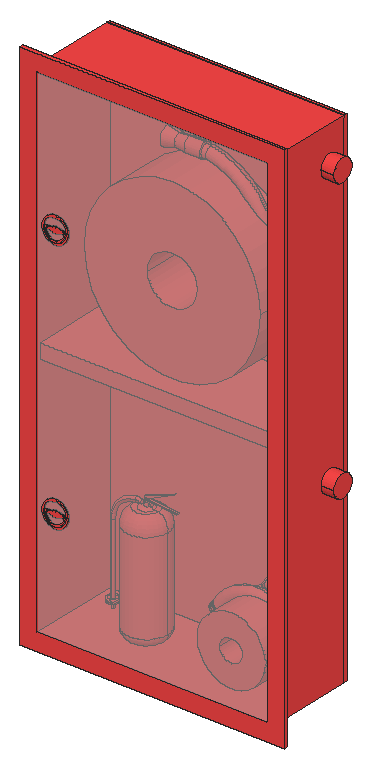
Revit family "Fire Hose Cabinet", category Security Devices, Revit 2013
Parameters (values of type "FHC with Landing Valve")
  Width = 780 mm
  Radius = 32.5 mm
  ON = yes
  Height = 1580 mm
  Depth = 280 mm
  Default Elevation = 1219.2 mm
Types (2, lengths in mm): name | Radius | ON
  FHC with Landing Valve | 32.5 | yes
  FHC without Landing Valve | 30 | no
Reference planes
  plane 1 "Center (Front/Back)": y = 0
  plane 2: z = 0
  plane 3 "Center (Left/Right)": x = 0
  plane 4: y = 140
  plane 5: y = -140
  plane 6: x = -390
  plane 7: x = 390
  plane 8: z = 790
  plane 9: z = 1580
  plane 10: x = -350
  plane 11: x = 350
  plane 12: z = 1540
  plane 13: z = 40
Forms (mm)
  Extrusion 1, solid, material "Red"
    sketch origin (0, 0, 0) x (1, 0, 0) y (0, 0, 1)
      loop
        line (-350, 1540) -> (-350, 40) -> (350, 40) -> (350, 1540) -> (-350, 1540)
      loop
        line (-340, 1530) -> (-340, 50) -> (340, 50) -> (340, 1530) -> (-340, 1530)
    from -140 to 140
  Extrusion 2, solid, material "Red"
    sketch origin (0, 0, 0) x (1, 0, 0) y (0, 0, 1)
      loop
        line (-350, 1540) -> (-350, 40) -> (350, 40) -> (350, 1540) -> (-350, 1540)
    from -140 to -130
  Sweep 3, solid, material "Red"
    path origin (0, -270, 0) x (1, 0, 0) y (0, 0, 1)
      loop
        line (-390, 1580) -> (-390, 0) -> (390, 0) -> (390, 1580) -> (-390, 1580)
    profile origin (0, -270, 1580) x (0, 0, 1) y (0, -1, 0)
      loop
        line (-40, -140) -> (0, -140) -> (0, -130) -> (-40, -130) -> (-40, -140)
  Revolve 4, solid, material "Red"
    sketch origin (0, 0, 0) x (1, 0, 0) y (0, 0, 1)
      loop
        line (-128.69, 51.85) -> (-92.775, 51.85)
        arc (-92.775, 51.85) -> (-74.283, 59.51) -> (-66.623, 78.002) r 26.152
        line (-66.623, 78.002) -> (-66.623, 347.593)
        arc (-66.623, 347.593) -> (-72.476, 374.832) -> (-92.775, 393.914) r 46.787
        line (-92.775, 393.914) -> (-107.48, 393.914)
        arc (-107.48, 393.914) -> (-114.619, 397.548) -> (-122.583, 398.418) r 22.25
        line (-122.583, 398.418) -> (-122.583, 408.719) -> (-126.451, 408.719) -> (-126.451, 412.34) -> (-128.69, 412.34) -> (-128.69, 51.85)
      axis (-128.69, 51.85) -> (-128.69, 412.34)
    angle from 0 to 360
  Sweep 5, solid, material "Red"
    path origin (0, 0, 0) x (1, 0, 0) y (0, 0, 1)
      loop
        line (-140.828, 403.888) -> (-157.475, 403.888)
        arc (-157.475, 403.888) -> (-207.56, 381.095) -> (-228.034, 330.019) r 73.946
        line (-228.034, 330.019) -> (-228.034, 121.538)
    profile origin (-228.034, 0, 225.778) x (0, -1, 0) y (1, 0, 0)
      loop
        circle (0, 0) r 5.1
  Revolve 6, solid, material "Red"
    sketch origin (0, 0, 0) x (1, 0, 0) y (0, 0, 1)
      loop
        line (-228.034, 121.538) -> (-228.034, 93.221) -> (-224.674, 93.221) -> (-224.674, 110.75) -> (-213.969, 110.75)
        arc (-213.969, 110.75) -> (-211.998, 111.567) -> (-211.181, 113.539) r 2.789
        line (-211.181, 113.539) -> (-211.181, 118.749)
        arc (-211.181, 118.749) -> (-211.998, 120.721) -> (-213.969, 121.538) r 2.789
        line (-213.969, 121.538) -> (-228.034, 121.538)
      axis (-228.034, 93.221) -> (-228.034, 121.538)
    angle from 0 to 360
  Extrusion 7, solid, material "Red"
    sketch origin (0, 0, 0) x (1, 0, 0) y (0, 0, 1)
      loop
        line (-131.414, 412.34) -> (-123.245, 412.34) -> (-123.245, 414.53)
        arc (-123.245, 414.53) -> (-122.936, 415.272) -> (-122.191, 415.576) r 1.046
        line (-122.191, 415.576) -> (-36.427, 406.871) -> (-36.427, 409.489) -> (-125.326, 418.711)
        arc (-125.326, 418.711) -> (-126.076, 418.41) -> (-126.387, 417.665) r 1.046
        line (-126.387, 417.665) -> (-126.387, 414.765) -> (-127.656, 414.004) -> (-131.414, 414.004) -> (-131.414, 412.34)
    from -3.389 to 3.013
  Extrusion 8, solid, material "Red"
    sketch origin (0, 0, 0) x (1, 0, 0) y (0, 0, 1)
      loop
        line (-44.48, 456.227) -> (-131.065, 424.889)
        arc (-131.065, 424.889) -> (-131.56, 424.506) -> (-131.748, 423.909) r 1.046
        line (-131.748, 423.909) -> (-131.748, 413.398)
        arc (-131.748, 413.398) -> (-131.217, 412.487) -> (-130.163, 412.5) r 1.046
        line (-130.163, 412.5) -> (-126.387, 414.765) -> (-126.387, 417.798)
        arc (-126.387, 417.798) -> (-126.227, 418.355) -> (-125.795, 418.741) r 1.046
        line (-125.795, 418.741) -> (-44.48, 456.227)
      loop
        circle (-128.69, 419.963) r 0.654
    from -3.389 to 3.013
  Extrusion 9, solid, material "Red"
    sketch origin (-50, 45, 0) x (1, 0, 0) y (0, 0, 1)
      loop
        circle (87.576, 1099.532) r 260
      loop
        circle (87.576, 1099.532) r 73.43
    from 0 to 157
  Sweep 10, solid, material "Red"
    path origin (-50, 0, 0) x (1, 0, 0) y (0, 0, 1)
      loop
        line (94.571, 1396.809) -> (111.023, 1396.809)
        arc (111.023, 1396.809) -> (211.995, 1348.824) -> (272.315, 1254.699) r 203.239
    profile origin (52.797, 0, 1396.809) x (0, 0, 1) y (0, -1, 0)
      loop
        circle (0, 0) r 18.5
  Revolve 11, solid, material "Red"
    sketch origin (-50, 0, 0) x (1, 0, 0) y (0, 0, 1)
      loop
        line (-16.127, 1396.809) -> (94.571, 1396.809) -> (94.571, 1418.235) -> (49.507, 1418.235) -> (18.475, 1415.52) -> (-16.127, 1424.791) -> (-16.127, 1396.809)
      axis (94.571, 1396.809) -> (-16.127, 1396.809)
    angle from 0 to 360
  Revolve 12, solid, material "Red"
    sketch origin (-37.5, 0, -20) x (1, 0, 0) y (0, 0, 1)
      loop
        line (118.112, 217.705) -> (136.456, 207.311) -> (138.175, 210.345) -> (136.764, 211.144) -> (143.009, 222.166) -> (126.075, 231.76) -> (118.112, 217.705)
      axis (126.075, 231.76) -> (118.112, 217.705)
    angle from 0 to 360
  Sweep 13, solid, material "Red"
    path origin (-37.5, 0, -20) x (1, 0, 0) y (0, 0, 1)
      loop
        arc (124.127, 228.322) -> (210.867, 294.139) -> (316.758, 268.791) r 127.267
    profile origin (173.367, 0, 274.139) x (-0.205596, 0, 0.978637) y (0, -1, 0)
      loop
        circle (0, 0) r 18.5
  Revolve 14, solid, material "Red"
    sketch origin (13.002, 0, 447.612) x (0, 0, -1) y (1, 0, 0)
      loop
        line (118.112, 217.705) -> (136.456, 207.311) -> (138.175, 210.345) -> (136.764, 211.144) -> (143.009, 222.166) -> (126.075, 231.76) -> (118.112, 217.705)
      axis (126.075, 231.76) -> (118.112, 217.705)
    angle from 0 to 360
  Sweep 15, solid, material "Red"
    path origin (13.002, 0, 447.612) x (0, 0, -1) y (1, 0, 0)
      loop
        arc (124.127, 228.322) -> (210.867, 294.139) -> (316.758, 268.791) r 127.267
    profile origin (307.141, 0, 236.746) x (0.978637, 0, 0.205596) y (0, -1, 0)
      loop
        circle (0, 0) r 18.5
  Extrusion 16, solid, material "Red"
    sketch origin (-50, 0, 0) x (1, 0, 0) y (0, 0, 1)
      loop
        circle (260.862, 182.949) r 100
      loop
        circle (260.862, 182.949) r 33.663
    from -45 to 112
  Extrusion 17, solid, material "Red"
    sketch origin (1202.205, -1302.205, -30) x (0, 1, 0) y (0, 0, 1)
      loop
        circle (1376.553, 629.268) r 32.5
      loop
        circle (1376.553, 1462.984) r 32.5
    from -852.205 to -812.205
  Extrusion 18, solid, material "Red"
    sketch origin (0, 0, 0) x (1, 0, 0) y (0, 0, 1)
      loop
        line (-340, 811.351) -> (-340, 768.649) -> (340, 768.649) -> (340, 811.351) -> (-340, 811.351)
    from -130 to 130
  Extrusion 19, solid, material "Red 2"
    sketch origin (0, 0, 0) x (1, 0, 0) y (0, 0, 1)
      loop
        line (-340, 1530) -> (-340, 40) -> (350, 40) -> (350, 1530) -> (-340, 1530)
    from 130 to 136.501
  Extrusion 20, solid, material "Red"
    sketch origin (21.903, 0, 0) x (0, 1, 0) y (0, 0, 1)
      loop
        circle (0, 403.888) r 3
    from -140.828 to -134.712
  Extrusion 21, solid, material "Red"
    sketch origin (21.903, 0, 0) x (1, 0, 0) y (0, 0, 1)
      loop
        arc (-319.533, 343.273) -> (-269.749, 376.021) -> (-310.348, 419.641) r 39.007
        arc (-310.348, 419.641) -> (-346.617, 385.267) -> (-319.533, 343.273) r 39.133
      loop
        arc (-318.837, 349.057) -> (-275.439, 376.705) -> (-311.043, 413.856) r 33.276
        arc (-311.043, 413.856) -> (-340.948, 384.585) -> (-318.837, 349.057) r 33.424
    from 136.501 to 140
  Extrusion 22, solid, material "Red"
    sketch origin (21.903, -38.21, -12.762) x (1, 0, 0) y (0, 0.104528, 0.994522)
      loop
        arc (-317.638, 351.194) -> (-290.776, 355.012) -> (-277.25, 378.531) r 30.942
        arc (-277.25, 378.531) -> (-277.479, 383.074) -> (-281.872, 384.257) r 3.868
        line (-281.872, 384.257) -> (-281.872, 376.835)
        arc (-281.872, 376.835) -> (-294.628, 357.803) -> (-317.453, 355.811) r 26.522
        arc (-317.453, 355.811) -> (-328.784, 364.011) -> (-334.368, 376.835) r 26.522
        line (-334.368, 376.835) -> (-334.368, 384.257)
        arc (-334.368, 384.257) -> (-338.761, 383.074) -> (-338.991, 378.531) r 3.868
        arc (-338.991, 378.531) -> (-332.505, 361.589) -> (-317.638, 351.194) r 30.942
    from 142.66 to 140
  Extrusion 23, solid, material "Red"
    sketch origin (21.903, 0, 750) x (0, 1, 0) y (0, 0, 1)
      loop
        circle (0, 403.888) r 3
    from -140.828 to -134.712
  Extrusion 24, solid, material "Red"
    sketch origin (21.903, 0, 750) x (1, 0, 0) y (0, 0, 1)
      loop
        arc (-319.533, 343.273) -> (-269.749, 376.021) -> (-310.348, 419.641) r 39.007
        arc (-310.348, 419.641) -> (-346.617, 385.267) -> (-319.533, 343.273) r 39.133
      loop
        arc (-318.837, 349.057) -> (-275.439, 376.705) -> (-311.043, 413.856) r 33.276
        arc (-311.043, 413.856) -> (-340.948, 384.585) -> (-318.837, 349.057) r 33.424
    from 136.501 to 140
  Extrusion 25, solid, material "Red"
    sketch origin (21.903, -38.21, 737.238) x (1, 0, 0) y (0, 0.104528, 0.994522)
      loop
        arc (-317.638, 351.194) -> (-290.776, 355.012) -> (-277.25, 378.531) r 30.942
        arc (-277.25, 378.531) -> (-277.479, 383.074) -> (-281.872, 384.257) r 3.868
        line (-281.872, 384.257) -> (-281.872, 376.835)
        arc (-281.872, 376.835) -> (-294.628, 357.803) -> (-317.453, 355.811) r 26.522
        arc (-317.453, 355.811) -> (-328.784, 364.011) -> (-334.368, 376.835) r 26.522
        line (-334.368, 376.835) -> (-334.368, 384.257)
        arc (-334.368, 384.257) -> (-338.761, 383.074) -> (-338.991, 378.531) r 3.868
        arc (-338.991, 378.531) -> (-332.505, 361.589) -> (-317.638, 351.194) r 30.942
    from 142.66 to 140
  Extrusion 26, solid, material "Red"
    sketch origin (0, 0, 0) x (1, 0, 0) y (0, 0, 1)
      loop
        line (-293.618, 372.972) -> (-292.831, 372.809)
        arc (-292.831, 372.809) -> (-290.598, 372.464) -> (-288.341, 372.348) r 22.102
        line (-288.341, 372.348) -> (-284.274, 372.348)
        arc (-284.274, 372.348) -> (-282.017, 372.464) -> (-279.784, 372.809) r 22.102
        line (-279.784, 372.809) -> (-263.551, 376.177)
        arc (-263.551, 376.177) -> (-261.356, 377.528) -> (-260.497, 379.958) r 3.868
        line (-260.497, 379.958) -> (-260.497, 381.531)
        arc (-260.497, 381.531) -> (-261.368, 383.977) -> (-263.59, 385.321) r 3.868
        line (-263.59, 385.321) -> (-279.783, 388.508)
        arc (-279.783, 388.508) -> (-281.907, 388.82) -> (-284.051, 388.924) r 22.102
        line (-284.051, 388.924) -> (-288.563, 388.924)
        arc (-288.563, 388.924) -> (-290.708, 388.82) -> (-292.832, 388.508) r 22.102
        line (-292.832, 388.508) -> (-309.024, 385.321)
        arc (-309.024, 385.321) -> (-311.246, 383.977) -> (-312.118, 381.531) r 3.868
        line (-312.118, 381.531) -> (-312.118, 379.958)
        arc (-312.118, 379.958) -> (-311.259, 377.528) -> (-309.064, 376.177) r 3.868
        line (-309.064, 376.177) -> (-293.618, 372.972)
      loop
        line (-293.618, 1122.972) -> (-292.831, 1122.809)
        arc (-292.831, 1122.809) -> (-290.598, 1122.464) -> (-288.341, 1122.348) r 22.102
        line (-288.341, 1122.348) -> (-284.274, 1122.348)
        arc (-284.274, 1122.348) -> (-282.017, 1122.464) -> (-279.784, 1122.809) r 22.102
        line (-279.784, 1122.809) -> (-263.551, 1126.177)
        arc (-263.551, 1126.177) -> (-261.356, 1127.528) -> (-260.497, 1129.958) r 3.868
        line (-260.497, 1129.958) -> (-260.497, 1131.531)
        arc (-260.497, 1131.531) -> (-261.368, 1133.977) -> (-263.59, 1135.321) r 3.868
        line (-263.59, 1135.321) -> (-279.783, 1138.508)
        arc (-279.783, 1138.508) -> (-281.907, 1138.82) -> (-284.051, 1138.924) r 22.102
        line (-284.051, 1138.924) -> (-288.563, 1138.924)
        arc (-288.563, 1138.924) -> (-290.708, 1138.82) -> (-292.832, 1138.508) r 22.102
        line (-292.832, 1138.508) -> (-309.024, 1135.321)
        arc (-309.024, 1135.321) -> (-311.246, 1133.977) -> (-312.118, 1131.531) r 3.868
        line (-312.118, 1131.531) -> (-312.118, 1129.958)
        arc (-312.118, 1129.958) -> (-311.259, 1127.528) -> (-309.064, 1126.177) r 3.868
        line (-309.064, 1126.177) -> (-293.618, 1122.972)
    from 136.501 to 140
Cuts and joins
  joined: Extrusion 1, Sweep 3, Extrusion 18
Dimensions and locks
  equal spacing: plane 4, plane 1 "Center (Front/Back)", plane 5
  "Depth": plane 4 to plane 5
  equal spacing: plane 6, plane 3 "Center (Left/Right)", plane 7
  "Width": plane 6 to plane 7
  "Height": plane 9 to plane 2
  equal spacing: plane 9, plane 8, plane 2
  locked: plane 10 to plane 6 at 40
  locked: plane 11 to plane 7 at 40
  locked: plane 9 to plane 12 at 40
  locked: plane 13 to plane 2 at 40
  "Radius": radius of Extrusion 17 sketch curve  (x2)
  aligned and locked: level to plane 2
  aligned and locked: plane 12 to Extrusion 1 sketch curve
  aligned and locked: plane 10 to Extrusion 1 sketch curve
  aligned and locked: plane 13 to Extrusion 1 sketch curve
  aligned and locked: plane 11 to Extrusion 1 sketch curve
  aligned and locked: Extrusion 2 sketch curve to Extrusion 1  (x4)
  aligned and locked: plane 4 to Extrusion 2
  aligned and locked: plane 4 to Extrusion 1
  aligned and locked: plane 5 to Extrusion 1
  aligned and locked: plane 9 to Sweep 3 sketch curve
  aligned and locked: plane 6 to Sweep 3 sketch curve
  aligned and locked: plane 2 to Sweep 3 sketch curve
  aligned and locked: plane 7 to Sweep 3 sketch curve
  aligned and locked: Extrusion 1 to Sweep 3 sketch curve
  aligned and locked: profile plane to Sweep 3 sketch curve
  aligned and locked: plane 5 to Sweep 3
  aligned and locked: cut or joined group of Extrusion 1, Sweep 3, Extrusion 18 to Extrusion 19
  aligned and locked: nested 1 to plane 3 "Center (Left/Right)"
  aligned and locked: plane 4 to nested 1
Automatic sketch dimensions
  plane 10 to Extrusion 1 sketch curve = 10 mm
  plane 11 to Extrusion 1 sketch curve = 10 mm
  plane 13 to Extrusion 1 sketch curve = 10 mm
  plane 12 to Extrusion 1 sketch curve = 10 mm
  Sweep 3 sketch curve to profile plane = 140 mm
  Sweep 3 sketch curve to Sweep 3 sketch curve = 10 mm
  plane 13 to Revolve 4 sketch curve = 11.85 mm
  Revolve 4 sketch curve to plane 3 "Center (Left/Right)" = 128.69 mm
  Revolve 4 sketch curve to Revolve 4 sketch curve = 0 mm
  Revolve 4 sketch curve to Revolve 4 sketch curve = 2.239 mm
  Revolve 4 sketch curve to Revolve 4 sketch curve = 3.868 mm
  Revolve 4 sketch curve to Revolve 4 sketch curve = 7.712 mm
  Revolve 4 sketch curve to Revolve 4 sketch curve = 7.759 mm
  Revolve 4 sketch curve to Revolve 4 sketch curve = 15.103 mm
  Revolve 4 sketch curve to Revolve 4 sketch curve = 35.915 mm
  Revolve 4 sketch curve to Revolve 4 sketch curve = 14.705 mm
  Revolve 4 sketch curve to Revolve 4 sketch curve = 46.595 mm
  Revolve 4 sketch curve to Revolve 4 sketch curve = 269.591 mm
  Revolve 4 sketch curve to Revolve 4 sketch curve = 4.236 mm
  Revolve 4 sketch curve to Revolve 4 sketch curve = 17.688 mm
  Revolve 4 sketch curve to Revolve 4 sketch curve = 7.688 mm
  Revolve 4 sketch curve to Revolve 4 sketch curve = 10.301 mm
  Revolve 4 sketch curve to Revolve 4 sketch curve = 3.621 mm
  Revolve 4 sketch curve to Revolve 4 sketch curve = 31.574 mm
  plane 10 to Sweep 5 sketch curve = 121.966 mm
  Sweep 5 sketch curve to Sweep 5 sketch curve = 70.558 mm
  Sweep 5 sketch curve to Sweep 5 sketch curve = 3.388 mm
  Sweep 5 sketch curve to Sweep 5 sketch curve = 16.648 mm
  plane 13 to Sweep 5 sketch curve = 81.538 mm
  Sweep 5 sketch curve to Sweep 5 sketch curve = 208.482 mm
  plane 1 "Center (Front/Back)" to Sweep 5 sketch curve = 0 mm
  Sweep 5 sketch curve to profile plane = 0 mm
  plane 10 to Revolve 6 sketch curve = 121.966 mm
  Revolve 6 sketch curve to Revolve 6 sketch curve = 0 mm  (x2)
  Revolve 6 sketch curve to Revolve 6 sketch curve = 3.36 mm
  Revolve 6 sketch curve to Revolve 6 sketch curve = 10.704 mm
  Revolve 6 sketch curve to Revolve 6 sketch curve = 2.789 mm
  plane 13 to Revolve 6 sketch curve = 53.221 mm
  Revolve 6 sketch curve to Revolve 6 sketch curve = 17.53 mm
  Revolve 6 sketch curve to Revolve 6 sketch curve = 5.787 mm
  Revolve 6 sketch curve to Revolve 6 sketch curve = 5.21 mm
  Revolve 6 sketch curve to Revolve 6 sketch curve = 3.122 mm
  Extrusion 7 sketch curve to plane 3 "Center (Left/Right)" = 131.414 mm
  Extrusion 7 sketch curve to Extrusion 7 sketch curve = 3.758 mm
  Extrusion 7 sketch curve to Extrusion 7 sketch curve = 1.269 mm
  Extrusion 7 sketch curve to Extrusion 7 sketch curve = 1.046 mm  (x2)
  Extrusion 7 sketch curve to Extrusion 7 sketch curve = 0.015 mm
  Extrusion 7 sketch curve to Extrusion 7 sketch curve = 3.142 mm
  Extrusion 7 sketch curve to Extrusion 7 sketch curve = 0.008 mm
  Extrusion 7 sketch curve to plane 3 "Center (Left/Right)" = 36.427 mm
  plane 13 to Extrusion 7 sketch curve = 366.871 mm
  Extrusion 7 sketch curve to Extrusion 7 sketch curve = 2.618 mm
  Extrusion 7 sketch curve to Extrusion 7 sketch curve = 2.851 mm
  Extrusion 7 sketch curve to Extrusion 7 sketch curve = 1.664 mm
  Extrusion 7 sketch curve to Extrusion 7 sketch curve = 2.19 mm
  Extrusion 7 sketch curve to Extrusion 7 sketch curve = 0.761 mm
  Extrusion 7 sketch curve to Extrusion 7 sketch curve = 2.9 mm
  Extrusion 8 sketch curve to plane 3 "Center (Left/Right)" = 131.748 mm
  Extrusion 8 sketch curve to Extrusion 8 sketch curve = 0.683 mm
  Extrusion 8 sketch curve to Extrusion 8 sketch curve = 1.046 mm  (x2)
  Extrusion 8 sketch curve to Extrusion 8 sketch curve = 0.538 mm
  Extrusion 8 sketch curve to Extrusion 8 sketch curve = 2.011 mm
  Extrusion 8 sketch curve to Extrusion 8 sketch curve = 3.776 mm
  Extrusion 8 sketch curve to Extrusion 8 sketch curve = 0.592 mm
  Extrusion 8 sketch curve to Extrusion 8 sketch curve = 0.454 mm
  Extrusion 8 sketch curve to plane 3 "Center (Left/Right)" = 44.48 mm
  plane 13 to Extrusion 8 sketch curve = 372.5 mm
  Extrusion 8 sketch curve to Extrusion 8 sketch curve = 2.264 mm
  Extrusion 8 sketch curve to Extrusion 8 sketch curve = 3.034 mm
  Extrusion 8 sketch curve to Extrusion 8 sketch curve = 1.222 mm
  Extrusion 8 sketch curve to Extrusion 8 sketch curve = 3.946 mm
  Extrusion 8 sketch curve to Extrusion 8 sketch curve = 38.428 mm
  Extrusion 9 sketch curve to Extrusion 9 sketch curve = 0 mm  (x2)
  plane 3 "Center (Left/Right)" to Extrusion 9 sketch curve = 37.576 mm
  plane 8 to Extrusion 9 sketch curve = 309.532 mm
  plane 3 "Center (Left/Right)" to Sweep 10 sketch curve = 27.638 mm
  plane 3 "Center (Left/Right)" to Sweep 10 sketch curve = 44.571 mm
  Sweep 10 sketch curve to Sweep 10 sketch curve = 16.452 mm
  plane 11 to Sweep 10 sketch curve = 127.685 mm
  plane 12 to Sweep 10 sketch curve = 343.67 mm
  Sweep 10 sketch curve to Sweep 10 sketch curve = 58.369 mm
  Sweep 10 sketch curve to plane 1 "Center (Front/Back)" = 0 mm
  profile plane to Sweep 10 sketch curve = 0 mm
  Revolve 11 sketch curve to plane 3 "Center (Left/Right)" = 66.127 mm
  Revolve 11 sketch curve to plane 3 "Center (Left/Right)" = 31.525 mm
  Revolve 11 sketch curve to plane 3 "Center (Left/Right)" = 0.493 mm
  plane 3 "Center (Left/Right)" to Revolve 11 sketch curve = 9.225 mm
  Revolve 11 sketch curve to Revolve 11 sketch curve = 8.184 mm
  Revolve 11 sketch curve to Revolve 11 sketch curve = 27.162 mm
  plane 12 to Revolve 11 sketch curve = 143.191 mm
  Revolve 11 sketch curve to Revolve 11 sketch curve = 0 mm
  Revolve 11 sketch curve to Revolve 11 sketch curve = 18.711 mm
  Revolve 11 sketch curve to Revolve 11 sketch curve = 21.426 mm
  Revolve 11 sketch curve to Revolve 11 sketch curve = 27.983 mm
  plane 3 "Center (Left/Right)" to Revolve 12 sketch curve = 80.612 mm
  Revolve 12 sketch curve to Revolve 12 sketch curve = 2.625 mm
  Revolve 12 sketch curve to Revolve 12 sketch curve = 1.506 mm
  Revolve 12 sketch curve to Revolve 12 sketch curve = 3.832 mm
  Revolve 12 sketch curve to Revolve 12 sketch curve = 18.344 mm
  Revolve 12 sketch curve to Revolve 12 sketch curve = 0.308 mm
  Revolve 12 sketch curve to Revolve 12 sketch curve = 1.41 mm
  level to Revolve 12 sketch curve = 187.311 mm
  Revolve 12 sketch curve to Revolve 12 sketch curve = 3.034 mm
  Revolve 12 sketch curve to Revolve 12 sketch curve = 4.634 mm
  Revolve 12 sketch curve to Revolve 12 sketch curve = 2.658 mm
  plane 3 "Center (Left/Right)" to Sweep 13 sketch curve = 86.627 mm
  Sweep 13 sketch curve to Sweep 13 sketch curve = 112.905 mm
  plane 11 to Sweep 13 sketch curve = 70.742 mm
  plane 13 to Sweep 13 sketch curve = 109.591 mm
  Sweep 13 sketch curve to Sweep 13 sketch curve = 58.731 mm
  plane 1 "Center (Front/Back)" to Sweep 13 sketch curve = 0 mm
  Sweep 13 sketch curve to profile plane = 0 mm
  plane 11 to Revolve 14 sketch curve = 119.293 mm
  plane 13 to Revolve 14 sketch curve = 289.501 mm
  plane 11 to Revolve 14 sketch curve = 114.659 mm
  Revolve 14 sketch curve to Revolve 14 sketch curve = 2.625 mm
  plane 11 to Revolve 14 sketch curve = 112.001 mm
  Revolve 14 sketch curve to Revolve 14 sketch curve = 1.506 mm
  plane 11 to Revolve 14 sketch curve = 105.237 mm
  Revolve 14 sketch curve to Revolve 14 sketch curve = 3.832 mm
  plane 11 to Revolve 14 sketch curve = 129.686 mm
  plane 11 to Revolve 14 sketch curve = 125.854 mm
  Revolve 14 sketch curve to Revolve 14 sketch curve = 0.308 mm
  plane 11 to Sweep 15 sketch curve = 108.675 mm
  plane 13 to Sweep 15 sketch curve = 283.485 mm
  Sweep 15 sketch curve to Sweep 15 sketch curve = 112.905 mm
  plane 11 to Sweep 15 sketch curve = 68.207 mm
  Sweep 15 sketch curve to Sweep 15 sketch curve = 79.726 mm
  Sweep 15 sketch curve to plane 1 "Center (Front/Back)" = 0 mm
  Sweep 15 sketch curve to profile plane = 0 mm
  Extrusion 16 sketch curve to Extrusion 16 sketch curve = 0 mm  (x2)
  plane 11 to Extrusion 16 sketch curve = 139.138 mm
  plane 13 to Extrusion 16 sketch curve = 142.949 mm
  plane 10 to Extrusion 18 sketch curve = 10 mm
  plane 11 to Extrusion 18 sketch curve = 10 mm
  Extrusion 18 sketch curve to plane 8 = 21.351 mm
  plane 8 to Extrusion 18 sketch curve = 21.351 mm
  Extrusion 19 sketch curve to plane 13 = 0 mm
  plane 11 to Extrusion 19 sketch curve = 0 mm
  plane 10 to Extrusion 19 sketch curve = 10 mm
  plane 12 to Extrusion 19 sketch curve = 10 mm
  Extrusion 20 sketch curve to plane 1 "Center (Front/Back)" = 0 mm
  plane 13 to Extrusion 20 sketch curve = 363.888 mm
  plane 10 to Extrusion 21 sketch curve = 52.369 mm
  Extrusion 21 sketch curve to Extrusion 21 sketch curve = 0.696 mm  (x2)
  plane 10 to Extrusion 21 sketch curve = 60.86 mm
  Extrusion 21 sketch curve to Extrusion 21 sketch curve = 2.566 mm
  Extrusion 21 sketch curve to Extrusion 21 sketch curve = 0.001 mm  (x2)
  Extrusion 21 sketch curve to Extrusion 21 sketch curve = 0.712 mm
  plane 13 to Extrusion 21 sketch curve = 303.273 mm
  Extrusion 21 sketch curve to Extrusion 21 sketch curve = 5.784 mm
  Extrusion 21 sketch curve to Extrusion 21 sketch curve = 31.536 mm
  Extrusion 21 sketch curve to Extrusion 21 sketch curve = 0 mm
  Extrusion 22 sketch curve to Extrusion 22 sketch curve = 0 mm  (x12)
  plane 10 to Extrusion 22 sketch curve = 32.912 mm
  Extrusion 22 sketch curve to Extrusion 22 sketch curve = 3.239 mm  (x2)
  Extrusion 22 sketch curve to Extrusion 22 sketch curve = 1.383 mm  (x2)
  Extrusion 22 sketch curve to Extrusion 22 sketch curve = 16.73 mm
  Extrusion 22 sketch curve to Extrusion 22 sketch curve = 0.185 mm
  Extrusion 22 sketch curve to Extrusion 22 sketch curve = 26.248 mm  (x2)
  Extrusion 22 sketch curve to Extrusion 22 sketch curve = 4.616 mm
  Extrusion 22 sketch curve to Extrusion 22 sketch curve = 21.024 mm
  Extrusion 22 sketch curve to Extrusion 22 sketch curve = 2.114 mm  (x2)
  Extrusion 23 sketch curve to plane 1 "Center (Front/Back)" = 0 mm
  plane 8 to Extrusion 23 sketch curve = 363.888 mm
  plane 10 to Extrusion 24 sketch curve = 52.369 mm
  Extrusion 24 sketch curve to Extrusion 24 sketch curve = 0.696 mm  (x2)
  plane 10 to Extrusion 24 sketch curve = 60.86 mm
  Extrusion 24 sketch curve to Extrusion 24 sketch curve = 2.566 mm
  Extrusion 24 sketch curve to Extrusion 24 sketch curve = 0.001 mm  (x2)
  Extrusion 24 sketch curve to Extrusion 24 sketch curve = 0.712 mm
  plane 8 to Extrusion 24 sketch curve = 303.273 mm
  Extrusion 24 sketch curve to Extrusion 24 sketch curve = 5.784 mm
  Extrusion 24 sketch curve to Extrusion 24 sketch curve = 31.536 mm
  Extrusion 24 sketch curve to Extrusion 24 sketch curve = 0 mm
  Extrusion 25 sketch curve to Extrusion 25 sketch curve = 0 mm  (x12)
  plane 10 to Extrusion 25 sketch curve = 32.912 mm
  Extrusion 25 sketch curve to Extrusion 25 sketch curve = 3.239 mm  (x2)
  Extrusion 25 sketch curve to Extrusion 25 sketch curve = 1.383 mm  (x2)
  Extrusion 25 sketch curve to Extrusion 25 sketch curve = 16.73 mm
  Extrusion 25 sketch curve to Extrusion 25 sketch curve = 0.185 mm
  Extrusion 25 sketch curve to Extrusion 25 sketch curve = 26.248 mm  (x2)
  Extrusion 25 sketch curve to Extrusion 25 sketch curve = 4.616 mm
  Extrusion 25 sketch curve to Extrusion 25 sketch curve = 21.024 mm
  Extrusion 25 sketch curve to Extrusion 25 sketch curve = 2.114 mm  (x2)
  plane 10 to Extrusion 26 sketch curve = 37.882 mm  (x2)
  Extrusion 26 sketch curve to Extrusion 26 sketch curve = 3.054 mm  (x2)
  Extrusion 26 sketch curve to Extrusion 26 sketch curve = 3.094 mm  (x2)
  Extrusion 26 sketch curve to Extrusion 26 sketch curve = 0.774 mm  (x3)
  Extrusion 26 sketch curve to Extrusion 26 sketch curve = 0 mm  (x6)
  Extrusion 26 sketch curve to Extrusion 26 sketch curve = 3.868 mm  (x3)
  Extrusion 26 sketch curve to Extrusion 26 sketch curve = 15.446 mm  (x2)
  Extrusion 26 sketch curve to Extrusion 26 sketch curve = 0.786 mm  (x2)
  Extrusion 26 sketch curve to Extrusion 26 sketch curve = 0.787 mm  (x2)
  Extrusion 26 sketch curve to Extrusion 26 sketch curve = 4.268 mm  (x4)
  Extrusion 26 sketch curve to Extrusion 26 sketch curve = 4.49 mm  (x3)
  Extrusion 26 sketch curve to Extrusion 26 sketch curve = 0.222 mm
  Extrusion 26 sketch curve to Extrusion 26 sketch curve = 4.067 mm  (x2)
  Extrusion 26 sketch curve to Extrusion 26 sketch curve = 4.512 mm  (x2)
  Extrusion 26 sketch curve to Extrusion 26 sketch curve = 15.419 mm
  Extrusion 26 sketch curve to Extrusion 26 sketch curve = 15.418 mm
  Extrusion 26 sketch curve to Extrusion 26 sketch curve = 0.814 mm  (x2)
  plane 13 to Extrusion 26 sketch curve = 326.823 mm
  Extrusion 26 sketch curve to Extrusion 26 sketch curve = 5.525 mm  (x2)
  Extrusion 26 sketch curve to Extrusion 26 sketch curve = 0.461 mm  (x4)
  Extrusion 26 sketch curve to Extrusion 26 sketch curve = 0.163 mm  (x2)
  Extrusion 26 sketch curve to Extrusion 26 sketch curve = 3.368 mm  (x2)
  Extrusion 26 sketch curve to Extrusion 26 sketch curve = 3.205 mm  (x2)
  Extrusion 26 sketch curve to Extrusion 26 sketch curve = 1.573 mm  (x4)
  Extrusion 26 sketch curve to Extrusion 26 sketch curve = 5.941 mm  (x2)
  plane 8 to Extrusion 26 sketch curve = 326.823 mm
  Extrusion 17 sketch curve to plane 4 = 65.652 mm  (x2)
  Extrusion 17 sketch curve to plane 8 = 190.732 mm
  plane 12 to Extrusion 17 sketch curve = 107.016 mm
  radius of Sweep 5 sketch curve = 5.1 mm
  radius of Extrusion 8 sketch curve = 0.654 mm
  radius of Extrusion 9 sketch curve = 260 mm
  radius of Extrusion 9 sketch curve = 73.43 mm
  radius of Sweep 10 sketch curve = 18.5 mm
  radius of Sweep 13 sketch curve = 18.5 mm
  radius of Sweep 15 sketch curve = 18.5 mm
  radius of Extrusion 16 sketch curve = 100 mm
  radius of Extrusion 16 sketch curve = 33.663 mm
  radius of Extrusion 20 sketch curve = 3 mm
  radius of Extrusion 23 sketch curve = 3 mm
Nested families
  nested 1: "FSD_Hose Cabinet w Landing Valve DryChem and CO2 Extinguishers" at (0, 140, 0) x (-1, 0, 0) z (0, 0, 1), type "FSD_Hose Cabinet w Landing Valve DryChem and CO2 Extinguishers"
Connectors
  piping at (390, 74.348, 1432.984), driven by "Radius"
    settings: on Extrusion 17, index 1, connector radius 32.5 mm, flow factor 0, pipe flow 0.0 L/s, pressure drop 0.0 Pa, fitting loss kfactor 0, connector angle 0.00°, fixture units 0, engagement length 0 mm, flow configuration 0, flow direction 1, fitting loss method 0, system type 24, joint type 0, gender type 0, connector reference index -1, connector utility 0, adjustable connector no, is connector primary yes, fitting loss table "", connector description ""
  piping at (390, 74.348, 599.268), driven by "Radius"
    settings: on Extrusion 17, index 2, connector radius 32.5 mm, flow factor 0, pipe flow 0.0 L/s, pressure drop 0.0 Pa, fitting loss kfactor 0, connector angle 0.00°, fixture units 0, engagement length 0 mm, flow configuration 0, flow direction 1, fitting loss method 0, system type 24, joint type 0, gender type 0, connector reference index -1, connector utility 0, adjustable connector no, is connector primary no, fitting loss table "", connector description ""
Definition of nested family "FSD_Hose Cabinet w Landing Valve DryChem and CO2 Extinguishers"
  Parameters (values of type "FSD_Hose Cabinet w Landing Valve DryChem and CO2 Extinguishers")
    Off = yes
  Reference planes
    plane 1: y = 0
    plane 2: x = 0
  Lines and regions (mm)
    detail lines, visible <- "Off"
      curve 1: circle (-3.779, 4.426, 0) r 0.219 normal (0, 0, 1)
      curve 6: line (-3.779, 4.645, 0) -> (-3.779, 7.34, 0)
      curve 7: line (-3.392, 6.181, 0) -> (-4.165, 6.181, 0)
      curve 8: line (-4.165, 6.181, 0) -> (-3.779, 7.34, 0)
      curve 9: line (-3.392, 6.181, 0) -> (-3.779, 7.34, 0)
    detail lines
      curve 2: line (3.485, 4.217, 0) -> (3.485, 6.993, 0)
      curve 3: line (2.596, 4.217, 0) -> (2.596, 6.993, 0)
      curve 4: line (2.008, 6.993, 0) -> (4.026, 6.993, 0)
      curve 5: line (2.008, 4.217, 0) -> (4.026, 4.217, 0)
  Text (mm)
    text "FHC" at (0.077, 1.792, 0)
  Nested families
    nested 1: "FSD_Fire Extinguisher" at (0.598, 4.217, 0), type "Dry Chemical"
    nested 2: "FSD_Fire Extinguisher" at (-1.906, 4.217, 0), type "CO2"
  Definition of nested family "FSD_Fire Extinguisher"
    Parameters (values of type "Dry Chemical")
      Trolley Mounted = no
      Symbol Width = Symbol Depth  # 1.6 mm
      Symbol Half Width = 0.5 * Symbol Width  # 0.8 mm
      Symbol Depth = 1.6 mm
      Label = "TM"
      Dry Chemical = yes
      Foam = no
      CO2 = no
    Types (4, lengths in mm): name | Trolley Mounted | Dry Chemical | Foam | CO2
      Dry Chemical | no | yes | no | no
      Foam | no | no | yes | no
      CO2 | no | no | no | yes
      Trolley Mounted | yes | no | no | no
    Reference planes
      plane 1: y = 0
      plane 2: x = 0
    Lines and regions (mm)
      Filled region 1, type "Solid Fill", visible <- "Dry Chemical"
        outline origin (0, 0, 0) x (1, 0, 0) y (0, 1, 0)
          loop
            line (-0.794, 1.588) -> (0.794, 1.588) -> (0, 4.55) -> (-0.794, 1.588)
      Filled region 2, type "Solid White", visible <- "CO2"
        outline origin (0, 0, 0) x (1, 0, 0) y (0, 1, 0)
          loop
            line (-0.794, 1.588) -> (0.794, 1.588) -> (0, 4.55) -> (-0.794, 1.588)
      Filled region 3, type "Solid White", visible <- "Foam"
        outline origin (0, 0, 0) x (1, 0, 0) y (0, 1, 0)
          loop
            line (0.397, 3.069) -> (0, 4.55) -> (-0.397, 3.069) -> (0, 1.588) -> (0.397, 3.069)
      Filled region 4, type "Solid White", visible <- "Foam"
        outline origin (0, 0, 0) x (1, 0, 0) y (0, 1, 0)
          loop
            line (-0.397, 3.069) -> (-0.794, 1.588) -> (0, 1.588) -> (-0.397, 3.069)
      Filled region 5, type "Solid White", visible <- "Foam"
        outline origin (0.794, 0, 0) x (1, 0, 0) y (0, 1, 0)
          loop
            line (-0.397, 3.069) -> (-0.794, 1.588) -> (0, 1.588) -> (-0.397, 3.069)
      Filled region 6, type "Solid White", visible <- "Trolley Mounted"
        outline origin (0, 0, 0) x (1, 0, 0) y (0, 1, 0)
          loop
            line (-0.794, 1.588) -> (0.794, 1.588) -> (0, 4.55) -> (-0.794, 1.588)
      detail lines
        curve 1: line (-1, 0, 0) -> (1, 0, 0)
        curve 2: line (0, 1.588, 0) -> (0, 0, 0)
    Text (mm)
      label "TM" at (1.288, 2.7, 0), shows "Label", visible <- "Trolley Mounted"
